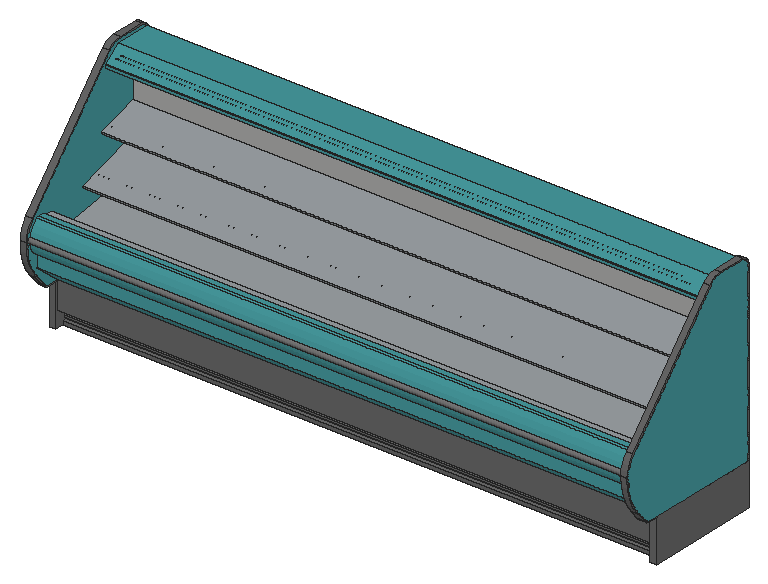
Revit family "ON3UM-NRG", category Mechanical Equipment, Revit 2017
Family settings
  Round Connector Dimension = Use Radius
  Part Type = Normal
  OmniClass Number = 23.40.40.11.17
  OmniClass Title = Refrigerated Cases
  Work Plane-Based = Yes
  Always vertical = Yes
  Cut with Voids When Loaded = No
  Shared = No
  Room Calculation Point = No
Parameters (values of type "12' Meat")
  Width = 35 7/8"  # constant formula
  URL = "http://www.hillphoenix.com/?s=on3um"
  TOP REFRIGERATION PIPING = yes
  TOP ELECTRICAL = yes
  TOEKICK [instance] = BLACK PAINTED METAL
  Standard Power Watts = 35.7 W
  Standard Power Amps = 0.3 A
  STAINLESS STEEL = GALVANIZED STEEL
  Refgn = 8 5/8"
  RT STD END = yes
  REFRIGERATION PIPING = COPPER PIPE
  RUBBER BUMPER [instance] = BLACK
  REAR REFRIGERATION PIPING = yes
  PAINTED METAL UPPER SHELF = PAINTED SHELVES
  PAINTED METAL INTERIOR [instance] = GALVANIZED STEEL
  PAINTED METAL EXTERIOR [instance] = CHARCOAL BROWN
  Model = "ON3UM-NRG"  # constant formula
  Manufacturer = "HILL PHOENIX"  # constant formula
  Lights Per Row = 3
  Light Length = "48\""
  Length = 144"
  Legend Number = Model  # "ON3UM-NRG"
  LF STD END = yes
  Keynote = ""  # constant formula
  Item Description = Description  # "Narrow Multi-Deck Merchandiser with Synerg-E™"
  Island Timed-Off Termination Temp (°F) = 42 °F  # constant formula
  Island Timed-Off Fail-Safe (Min) = "40 (Min)"  # constant formula
  Island Superheat @ Bulb Set Point (°F) = "6-8 °F"  # constant formula
  Island High Efficiency Fans Watts = 33 W
  Island High Efficiency Fans Amps = 0.48 A
  Island Front Sill Height = "Extended"
  Island Fans Per Case = 3
  Island Evaporator (°F) = 26 °F
  Island Discharge Air(°F) = 30 °F
  Island Discharge Air Velocity (FPM) = 200 FPM  # constant formula
  Island BTUH Parallel = 670
  Island BTUH Conventional = 760  # constant formula
  Island Application = "Meat"
  Island  Case Length = 144"
  How Many Defrosts Per Day = 6  # constant formula
  High Power (Cornice) Watts = 64.5 W
  High Power (Cornice) Amps = 0.54 A
  Height = 48"  # constant formula
  GLASS = Glass
  EQUIPMENT MARK = Legend Number  # "ON3UM-NRG"
  EQUIPMENT DESCRIPTION = Item Description  # "Narrow Multi-Deck Merchandiser with Synerg-E™"
  Description = "Narrow Multi-Deck Merchandiser with Synerg-E™"  # constant formula
  Default Elevation = 48"
  DRAIN PIPING = yes
  DESIGNERS NAME = "SHIDDRAMESH"  # constant formula
  DATE = "04/01/2016"  # constant formula
  Certifications = "NSF 7, UL471, CSA"  # constant formula
  DRAIN LINE = 72"
  BOTTOM REFRIGERATION PIPING = yes
  BOTTOM ELECTRICAL = yes
  BASE [instance] = BLACK PAINTED METAL
  Assembly Code = ""
  16" Shelf = yes
  10" Shelf = yes
Types (8): name | Standard Power Watts | Standard Power Amps | Refgn | Lights Per Row | Light Length | Length | Island High Efficiency Fans Watts | Island High Efficiency Fans Amps | Island Front Sill Height | Island Fans Per Case | Island Evaporator (°F) | Island Discharge Air(°F) | Island BTUH Parallel | Island Application | Island  Case Length | High Power (Cornice) Watts | High Power (Cornice) Amps | DRAIN LINE
  04' Deli | 11.9 W | 0.1 A | 7 5/8" | 1 | "48\"" | 48" | 11 W | 0.16 A | "All" | 1 | 28 °F | 31 °F | 690 | "Dairy / Deli / Produce" | 48" | 21.5 W | 0.18 A | 24"
  06' Deli | 16.6 W | 0.14 A | 8 5/8" | 2 | "36\"" | 72" | 22 W | 0.32 A | "All" | 2 | 28 °F | 31 °F | 690 | "Dairy / Deli / Produce" | 72" | 29.8 W | 0.25 A | 36"
  08' Deli | 36 W | 23.8 A | 8 5/8" | 2 | "48\"" | 96" | 22 W | 0.32 A | "All" | 2 | 28 °F | 31 °F | 690 | "Dairy / Deli / Produce" | 96" | 43 W | 0.36 A | 48"
  12' Deli | 35.7 W | 0.3 A | 8 5/8" | 3 | "48\"" | 144" | 33 W | 0.48 A | "All" | 3 | 28 °F | 31 °F | 690 | "Dairy / Deli / Produce" | 144" | 64.5 W | 0.54 A | 72"
  04' Meat | 11.9 W | 0.1 A | 7 5/8" | 1 | "48\"" | 48" | 11 W | 0.16 A | "Extended" | 1 | 26 °F | 30 °F | 670 | "Meat" | 48" | 21.5 W | 0.18 A | 24"
  06' Meat | 16.6 W | 0.14 A | 8 5/8" | 2 | "36\"" | 72" | 22 W | 0.32 A | "Extended" | 2 | 26 °F | 30 °F | 690 | "Meat" | 72" | 29.8 W | 0.25 A | 36"
  08' Meat | 36 W | 23.8 A | 8 5/8" | 2 | "48\"" | 96" | 22 W | 0.32 A | "Extended" | 2 | 26 °F | 30 °F | 670 | "Meat" | 96" | 43 W | 0.36 A | 48"
  12' Meat | 35.7 W | 0.3 A | 8 5/8" | 3 | "48\"" | 144" | 33 W | 0.48 A | "Extended" | 3 | 26 °F | 30 °F | 670 | "Meat" | 144" | 64.5 W | 0.54 A | 72"
Reference planes (in)
  plane 1: z = 0.01963
  plane 2 "LEFT": x = 0
  plane 3 "CASE RIGHT": x = 144
  plane 4: z = 0
  plane 5: y = -15.80744
  plane 6: x = 145.5
  plane 7: x = 72
  plane 8: y = -51.68244
  plane 9: x = 136.875
  plane 10: z = 22.875
  plane 11: z = 46.99677
  plane 12: through (-240, -28.00566, 49.99643) normal (0, 0.7071, 0.7071)
  plane 13: through (-240, -46.63569, 28.30363) normal (0, 0.7071, 0.7071)
Forms (in)
  Extrusion 1, solid, material "BLACK PAINTED METAL" <- "BASE"
    sketch origin (0, 0, 0) x (0, 1, 0) y (0, 0, 1)
      loop
        line (-15.80744, 0) -> (-15.80744, 11) -> (-40.18244, 11) -> (-40.18244, 0) -> (-38.31613, 0) -> (-38.31613, 1.81425) -> (-17.37606, 1.81425) -> (-17.37606, 0) -> (-15.80744, 0)
    from 0 to 144
  Extrusion 2, solid, material "CHARCOAL BROWN" <- "PAINTED METAL EXTERIOR"
    sketch origin (0, 0, 5.875) x (0, 1, 0) y (0, 0, 1)
      loop
        line (-17.80744, 46.29711) -> (-17.80744, 8.40762) -> (-35.75575, 7.7616) -> (-38.05456, 5.96269) -> (-40.40771, 5.88052) -> (-42.52708, 7.33534) -> (-42.77005, 7.32686) -> (-46.93651, 10.82293) -> (-46.93651, 15.37312) -> (-48.94472, 15.37312) -> (-48.94472, 10.089) -> (-43.02886, 5.125) -> (-15.80744, 5.125) -> (-15.80744, 46.29711) -> (-17.80744, 46.29711)
    from 0 to 144
  Extrusion 3, solid, material "PAINTED SHELVES" <- "PAINTED METAL UPPER SHELF"
    sketch origin (0, 0, 5.875) x (0, 1, 0) y (0, 0, 1)
      loop
        arc (-20.28705, 18.03641) -> (-19.95625, 18.1942) -> (-19.82193, 18.53519) r 0.5
        line (-19.82193, 18.53519) -> (-19.82193, 16.37177) -> (-17.80744, 16.37177) -> (-17.80744, 8.40762) -> (-35.75575, 7.7616) -> (-38.05456, 5.96269) -> (-40.40771, 5.88052) -> (-42.52708, 7.33534) -> (-42.77005, 7.32686) -> (-46.93651, 10.82293) -> (-46.93651, 15.37312) -> (-46.93651, 20.48987) -> (-44.69693, 20.48987) -> (-44.69693, 14.65787) -> (-23.59709, 18.00487) -> (-23.58275, 17.79983) -> (-20.28663, 18.03032)
    from 0 to 144
  Extrusion 4, solid, material "GALVANIZED STEEL" <- "STAINLESS STEEL"
    sketch origin (0, 0, 5.875) x (0, 1, 0) y (0, 0, 1)
      loop
        line (-17.80744, 45.00915) -> (-19.82193, 45.00915) -> (-19.82193, 16.37177) -> (-17.80744, 16.37177) -> (-17.80744, 45.00915)
    from 0 to 144
  Extrusion 5, solid, material "CHARCOAL BROWN" <- "PAINTED METAL EXTERIOR", visible <- "TOP REFRIGERATION PIPING"
    sketch origin (0, 0, 5.875) x (1, 0, 0) y (0, 1, 0)
      loop
        line (141, -15.80744) -> (141, -12.80744) -> (129, -12.80744) -> (129, -15.80744) -> (129.125, -15.80744) -> (129.125, -12.93244) -> (140.875, -12.93244) -> (140.875, -15.80744) -> (141, -15.80744)
    from 17.52613 to 43.67007
  Extrusion 6, solid, material "BLACK PAINTED METAL" <- "BASE"
    sketch origin (0, -10.23853, -0.05412) x (0, 1, 0) y (0, 0, 1)
      loop
        line (-29.94391, 0.05412) -> (-29.94391, 5.97625) -> (-29.94391, 11.05412) -> (-32.60591, 11.05412) -> (-32.60591, 4.17299) -> (-30.54602, 4.17299) -> (-30.03398, 4.17299) -> (-30.17679, 3.72119)
        arc (-30.17679, 3.72119) -> (-30.31283, 3.49548) -> (-30.53671, 3.35644) r 0.56287
        line (-30.53671, 3.35644) -> (-30.53671, 2.85644) -> (-30.06597, 2.85644) -> (-30.17679, 2.50181)
        arc (-30.17679, 2.50181) -> (-30.31252, 2.27579) -> (-30.53671, 2.13706) r 0.55931
        line (-30.53671, 2.13706) -> (-30.53671, 1.63706) -> (-30.06597, 1.63706) -> (-30.17679, 1.28243)
        arc (-30.17679, 1.28243) -> (-30.38076, 1.00247) -> (-30.71292, 0.90419) r 0.5396
        line (-30.71292, 0.90419) -> (-30.71292, 0.05412) -> (-29.94391, 0.05412)
    from 0 to 144
  Extrusion 7, solid, material "CHARCOAL BROWN" <- "PAINTED METAL EXTERIOR"
    sketch origin (0, -14.13723, 5.82088) x (0, 1, 0) y (0, 0, 1)
      loop
        line (-32.71342, 21.17912) -> (-34.50842, 21.17912)
        arc (-34.50842, 21.17912) -> (-34.73955, 21.1267) -> (-34.93979, 20.99993) r 0.69761
        arc (-34.93979, 20.99993) -> (-36.29567, 19.30385) -> (-37.07114, 17.2756) r 7.05071
        arc (-37.07114, 17.2756) -> (-36.79227, 15.35155) -> (-35.80485, 13.67682) r 5.032
        line (-35.80485, 13.67682) -> (-34.80748, 13.67682) -> (-34.80748, 15.42724) -> (-32.79928, 15.42724) -> (-32.79928, 20.54398) -> (-32.71342, 20.54398) -> (-32.71342, 21.17912)
    from 0 to 144
  Extrusion 8, solid, material "PAINTED SHELVES" <- "PAINTED METAL UPPER SHELF", visible <- "16" Shelf"
    sketch origin (0, 0, 22.75605) x (0, 1, 0) y (0, 0, 1)
      loop
        line (-19.82193, 9.52606) -> (-35.12281, 4.84811) -> (-34.95908, 4.31258) -> (-30.92951, 5.54455) -> (-30.83385, 5.43215) -> (-23.37875, 6.72727)
        arc (-23.37875, 6.72727) -> (-22.68685, 6.75019) -> (-22.0152, 6.58248) r 2.5
        line (-22.0152, 6.58248) -> (-21.18883, 6.24896)
        arc (-21.18883, 6.24896) -> (-20.87112, 6.17789) -> (-20.54742, 6.21263) r 1
        line (-20.54742, 6.21263) -> (-19.82193, 6.448) -> (-19.82193, 9.52606)
    from 0 to 144
  Extrusion 9, solid, material "PAINTED SHELVES" <- "PAINTED METAL UPPER SHELF", visible <- "10" Shelf"
    sketch origin (0, 0, 4.75) x (0, 1, 0) y (0, 0, 1)
      loop
        line (-19.82193, 31.95713) -> (-19.82193, 35.04847) -> (-29.38841, 32.1237) -> (-29.22125, 31.57693) -> (-26.99777, 32.25671) -> (-26.64714, 31.8447) -> (-23.39078, 32.25456)
        arc (-23.39078, 32.25456) -> (-22.5804, 32.26202) -> (-21.81021, 32.00986) r 2.5
        line (-21.81021, 32.00986) -> (-21.18883, 31.75908)
        arc (-21.18883, 31.75908) -> (-20.84951, 31.68701) -> (-20.50599, 31.73521) r 1
        line (-20.50599, 31.73521) -> (-19.82193, 31.95713)
    from 0 to 144
  Extrusion 10, solid
    sketch origin (0, -9.0638, 9.86783) x (0, 1, 0) y (0, 0, 1)
      loop
        circle (-14.04788, 41.33455) r 0.5625
      loop
        circle (-15.51988, 41.33455) r 0.5625
    from 0 to 144
  Extrusion 11, solid, material "GALVANIZED STEEL" <- "PAINTED METAL INTERIOR"
    sketch origin (0, -5.33418, 8.4978) x (0, 1, 0) y (0, 0, 1)
      loop
        arc (-16.03819, 42.41717) -> (-16.05872, 42.40528) -> (-16.06484, 42.38236) r 0.031
        line (-16.06484, 42.38236) -> (-15.54307, 38.45305) -> (-14.56992, 38.58982) -> (-15.12486, 42.53845) -> (-16.03819, 42.41717)
    from 0 to 144
  Extrusion 12, solid, material "CHARCOAL BROWN" <- "PAINTED METAL EXTERIOR"
    sketch origin (0, -0.0013, 5.92963) x (0, 1, 0) y (0, 0, 1)
      loop
        line (-15.80614, 46.24248) -> (-15.80614, 48.07035) -> (-24.38077, 48.07035) -> (-28.1085, 45.0517) -> (-28.18114, 44.8994) -> (-28.18114, 44.24356) -> (-27.5874, 44.24356) -> (-27.5874, 44.31961) -> (-27.13478, 44.31961) -> (-27.09675, 44.3332) -> (-25.33935, 45.7732) -> (-25.31738, 45.81961) -> (-25.31738, 46.25761) -> (-25.28438, 46.29061) -> (-21.0809, 46.29061) -> (-20.13326, 45.16126) -> (-19.94451, 45.21956) -> (-19.86265, 44.95452) -> (-17.80614, 44.95452) -> (-17.80614, 46.24248) -> (-15.80614, 46.24248)
    from 0 to 144
  Extrusion 13, solid
    sketch origin (0, 0, 5.875) x (0, 1, 0) y (0, 0, 1)
      loop
        line (-19.87444, 44.91816) -> (-20.25663, 44.80012) -> (-20.36557, 45.15282)
        arc (-20.36557, 45.15282) -> (-20.39137, 45.18674) -> (-20.43297, 45.19599) r 0.062
        line (-20.43297, 45.19599) -> (-21.37645, 45.0707)
        arc (-21.37645, 45.0707) -> (-21.41752, 45.04693) -> (-21.42975, 45.00108) r 0.062
        line (-21.42975, 45.00108) -> (-21.38947, 44.69774) -> (-21.35874, 44.70183) -> (-21.39902, 45.00516)
        arc (-21.39902, 45.00516) -> (-21.3929, 45.02809) -> (-21.37237, 45.03997) r 0.031
        line (-21.37237, 45.03997) -> (-20.45904, 45.16125) -> (-19.90409, 41.21262) -> (-20.8497, 41.07973) -> (-20.88884, 41.35829) -> (-20.91974, 41.35395) -> (-20.88491, 41.10608)
        arc (-20.88491, 41.10608) -> (-20.862, 41.06604) -> (-20.8178, 41.05279) r 0.0622
        line (-20.8178, 41.05279) -> (-19.82193, 41.19266) -> (-19.82193, 44.88417) -> (-19.86394, 44.88417) -> (-19.87444, 44.91816)
    from 0 to 144
  Extrusion 14, solid, material "CHARCOAL BROWN" <- "PAINTED METAL EXTERIOR", visible <- "LF STD END"
    sketch origin (17.5, 0, 5.875) x (0, 1, 0) y (0, 0, 1)
      loop
        arc (-46.48749, 5.30373) -> (-45.9835, 4.85922) -> (-45.37071, 4.58337) r 2.25
        line (-45.37071, 4.58337) -> (-43.02886, 4.58337) -> (-43.02886, 4.5) -> (-15.43244, 4.5) -> (-15.43244, 47.30758)
        arc (-15.43244, 47.30758) -> (-15.87178, 48.36824) -> (-16.93244, 48.80758) r 1.5
        line (-16.93244, 48.80758) -> (-23.48207, 48.80758)
        arc (-23.48207, 48.80758) -> (-25.22204, 48.43508) -> (-26.657, 47.38289) r 4.25
        line (-26.657, 47.38289) -> (-49.97669, 21.05254)
        arc (-49.97669, 21.05254) -> (-51.21531, 19.03708) -> (-51.68244, 16.71803) r 6.75
        arc (-51.68244, 16.71803) -> (-50.92318, 11.9391) -> (-48.52749, 7.73491) r 13.5
        line (-48.52749, 7.73491) -> (-46.48749, 5.30373)
    from -17.5 to -19
  Extrusion 15, solid, material "BLACK PAINTED METAL" <- "BASE", visible <- "LF STD END"
    sketch origin (17.5, 0, 5.875) x (0, 1, 0) y (0, 0, 1)
      loop
        line (-46.48749, 5.30373) -> (-48.52749, 7.73491)
        arc (-48.52749, 7.73491) -> (-50.92318, 11.9391) -> (-51.68244, 16.71803) r 13.5
        arc (-51.68244, 16.71803) -> (-51.21531, 19.03708) -> (-49.97669, 21.05254) r 6.75
        line (-49.97669, 21.05254) -> (-26.657, 47.38289)
        arc (-26.657, 47.38289) -> (-25.22204, 48.43508) -> (-23.48207, 48.80758) r 4.25
        line (-23.48207, 48.80758) -> (-16.93244, 48.80758)
        arc (-16.93244, 48.80758) -> (-15.87178, 48.36824) -> (-15.43244, 47.30758) r 1.5
        line (-15.43244, 47.30758) -> (-15.43244, 4.5) -> (-15.18244, 4.5) -> (-15.18244, 47.30758)
        arc (-15.18244, 47.30758) -> (-15.695, 48.54502) -> (-16.93244, 49.05758) r 1.75
        line (-16.93244, 49.05758) -> (-23.48207, 49.05758)
        arc (-23.48207, 49.05758) -> (-25.32439, 48.66317) -> (-26.84376, 47.54908) r 4.5
        line (-26.84376, 47.54908) -> (-50.16345, 21.21873)
        arc (-50.16345, 21.21873) -> (-51.44794, 19.12863) -> (-51.93237, 16.72368) r 7
        arc (-51.93237, 16.72368) -> (-51.15905, 11.85626) -> (-48.71901, 7.57421) r 13.75
        line (-48.71901, 7.57421) -> (-46.67901, 5.14303)
        arc (-46.67901, 5.14303) -> (-46.08957, 4.63043) -> (-45.37071, 4.32476) r 2.5
        line (-45.37071, 4.32476) -> (-43.02886, 4.32476) -> (-43.02886, 4.58337) -> (-45.37071, 4.58337)
        arc (-45.37071, 4.58337) -> (-45.9835, 4.85922) -> (-46.48749, 5.30373) r 2.25
    from -17.5 to -19
  Extrusion 16, solid, material "BLACK PAINTED METAL" <- "BASE", visible <- "LF STD END"
    sketch origin (17.5, 0, 0) x (0, 1, 0) y (0, 0, 1)
      loop
        line (-43.02886, 10.375) -> (-43.02886, 0) -> (-15.18244, 0) -> (-15.18244, 10.375) -> (-43.02886, 10.375)
    from -17.5 to -19
  Extrusion 17, solid, material "BLACK" <- "RUBBER BUMPER"
    sketch origin (0, 0, 5.875) x (0, 1, 0) y (0, 0, 1)
      loop
        arc (-51.09063, 17.69238) -> (-51.69172, 17.04128) -> (-51.17326, 16.32263) r 0.70013
        arc (-51.17326, 16.32263) -> (-51.21094, 16.77127) -> (-51.20837, 17.22149) r 5.032
        arc (-51.20837, 17.22149) -> (-51.15355, 17.45795) -> (-51.09063, 17.69238) r 7.05071
    from 0 to 144
  Extrusion 18, solid, material "CHARCOAL BROWN" <- "PAINTED METAL EXTERIOR", visible <- "RT STD END"
    sketch origin (184.5, 0, 5.875) x (0, 1, 0) y (0, 0, 1)
      loop
        arc (-46.48749, 5.30373) -> (-45.9835, 4.85922) -> (-45.37071, 4.58337) r 2.25
        line (-45.37071, 4.58337) -> (-43.02886, 4.58337) -> (-43.02886, 4.5) -> (-15.43244, 4.5) -> (-15.43244, 47.30758)
        arc (-15.43244, 47.30758) -> (-15.87178, 48.36824) -> (-16.93244, 48.80758) r 1.5
        line (-16.93244, 48.80758) -> (-23.48207, 48.80758)
        arc (-23.48207, 48.80758) -> (-25.22204, 48.43508) -> (-26.657, 47.38289) r 4.25
        line (-26.657, 47.38289) -> (-49.97669, 21.05254)
        arc (-49.97669, 21.05254) -> (-51.21531, 19.03708) -> (-51.68244, 16.71803) r 6.75
        arc (-51.68244, 16.71803) -> (-50.92318, 11.9391) -> (-48.52749, 7.73491) r 13.5
        line (-48.52749, 7.73491) -> (-46.48749, 5.30373)
    from -39 to -40.5
  Extrusion 19, solid, material "BLACK PAINTED METAL" <- "BASE", visible <- "RT STD END"
    sketch origin (184.5, 0, 5.875) x (0, 1, 0) y (0, 0, 1)
      loop
        line (-46.48749, 5.30373) -> (-48.52749, 7.73491)
        arc (-48.52749, 7.73491) -> (-50.92318, 11.9391) -> (-51.68244, 16.71803) r 13.5
        arc (-51.68244, 16.71803) -> (-51.21531, 19.03708) -> (-49.97669, 21.05254) r 6.75
        line (-49.97669, 21.05254) -> (-26.657, 47.38289)
        arc (-26.657, 47.38289) -> (-25.22204, 48.43508) -> (-23.48207, 48.80758) r 4.25
        line (-23.48207, 48.80758) -> (-16.93244, 48.80758)
        arc (-16.93244, 48.80758) -> (-15.87178, 48.36824) -> (-15.43244, 47.30758) r 1.5
        line (-15.43244, 47.30758) -> (-15.43244, 4.5) -> (-15.18244, 4.5) -> (-15.18244, 47.30758)
        arc (-15.18244, 47.30758) -> (-15.695, 48.54502) -> (-16.93244, 49.05758) r 1.75
        line (-16.93244, 49.05758) -> (-23.48207, 49.05758)
        arc (-23.48207, 49.05758) -> (-25.32439, 48.66317) -> (-26.84376, 47.54908) r 4.5
        line (-26.84376, 47.54908) -> (-50.16345, 21.21873)
        arc (-50.16345, 21.21873) -> (-51.44794, 19.12863) -> (-51.93237, 16.72368) r 7
        arc (-51.93237, 16.72368) -> (-51.15905, 11.85626) -> (-48.71901, 7.57421) r 13.75
        line (-48.71901, 7.57421) -> (-46.67901, 5.14303)
        arc (-46.67901, 5.14303) -> (-46.08957, 4.63043) -> (-45.37071, 4.32476) r 2.5
        line (-45.37071, 4.32476) -> (-43.02886, 4.32476) -> (-43.02886, 4.58337) -> (-45.37071, 4.58337)
        arc (-45.37071, 4.58337) -> (-45.9835, 4.85922) -> (-46.48749, 5.30373) r 2.25
    from -39 to -40.5
  Extrusion 20, solid, material "BLACK PAINTED METAL" <- "BASE", visible <- "RT STD END"
    sketch origin (184.5, 0, 0) x (0, 1, 0) y (0, 0, 1)
      loop
        line (-43.02886, 10.375) -> (-43.02886, 0) -> (-15.18244, 0) -> (-15.18244, 10.375) -> (-43.02886, 10.375)
    from -39 to -40.5
Lines and regions (in)
  model lines
    curve 1: line (0, -51.68244, 22.875) -> (0, -51.32382, 22.875)
Dimensions and locks (in)
  "Length": plane 2 "LEFT" to plane 3 "CASE RIGHT"
  "DRAIN LINE": plane 2 "LEFT" to plane 7
  locked: plane 3 "CASE RIGHT" to plane 6 at 1.5
  "Width": plane 5 to plane 8
  "Refgn": plane 9 to plane 6
  Extrusion 1 to Extrusion 6 = 25.14401"
  Extrusion 1 to Extrusion 6 = 24 3/8"
  Extrusion 7 to level = 27"
  plane 10 to level = 22 7/8"
  Extrusion 4 to Extrusion 3 = 24 7/8"
  Extrusion 8 to Extrusion 8 = 16"
  Extrusion 9 to Extrusion 9 = 10.00359"
  Extrusion 4 to plane 11 = 24 3/4"
  plane 5 to Extrusion 12 = 8.57463"
  Extrusion 16 to Extrusion 12 = 54"
  Extrusion 16 to Extrusion 2 = 11"
  plane 12 to plane 13 = 28.51254"
  aligned and locked: plane 3 "CASE RIGHT" to Extrusion 4
  aligned and locked: plane 3 "CASE RIGHT" to Extrusion 3
  aligned and locked: plane 3 "CASE RIGHT" to Extrusion 2
  aligned and locked: plane 3 "CASE RIGHT" to Extrusion 1
  aligned and locked: Extrusion 7 to Extrusion 6
  aligned and locked: plane 3 "CASE RIGHT" to Extrusion 7
  aligned and locked: plane 3 "CASE RIGHT" to Extrusion 8
  aligned and locked: plane 3 "CASE RIGHT" to Extrusion 9
  aligned and locked: plane 3 "CASE RIGHT" to Extrusion 12
  aligned and locked: plane 3 "CASE RIGHT" to Extrusion 11
  aligned and locked: plane 3 "CASE RIGHT" to Extrusion 10
  aligned and locked: plane 3 "CASE RIGHT" to Extrusion 13
  aligned and locked: plane 3 "CASE RIGHT" to Extrusion 17
  aligned and locked: Extrusion 19 to plane 3 "CASE RIGHT"
  aligned and locked: plane 6 to Extrusion 19
  aligned and locked: Extrusion 18 to plane 3 "CASE RIGHT"
  aligned and locked: plane 6 to Extrusion 18
  aligned and locked: Extrusion 20 to plane 3 "CASE RIGHT"
  aligned and locked: plane 6 to Extrusion 20
  aligned and locked: Extrusion 12 to plane 5
Automatic sketch dimensions
  Extrusion 1 sketch curve to level = 0"  (x4)
  Extrusion 1 sketch curve to plane 5 = 0"
  plane 5 to Extrusion 1 sketch curve = 1.56862"
  plane 1 to Extrusion 1 sketch curve = 1.79462"
  Extrusion 1 sketch curve to plane 8 = 13.36631"
  Extrusion 1 sketch curve to Extrusion 1 sketch curve = 1.86631"
  Extrusion 1 sketch curve to Extrusion 1 sketch curve = 9.18575"
  Extrusion 2 sketch curve to plane 5 = 0"
  plane 5 to Extrusion 2 sketch curve = 2"
  plane 1 to Extrusion 2 sketch curve = 13.61697"
  Extrusion 2 sketch curve to plane 8 = 15.92669"
  Extrusion 2 sketch curve to Extrusion 2 sketch curve = 2.29881"
  plane 1 to Extrusion 2 sketch curve = 11.81806"
  Extrusion 2 sketch curve to Extrusion 2 sketch curve = 0.24297"
  Extrusion 2 sketch curve to Extrusion 2 sketch curve = 0.2588"
  Extrusion 2 sketch curve to plane 8 = 4.74592"
  Extrusion 2 sketch curve to Extrusion 2 sketch curve = 2.0082"
  plane 1 to Extrusion 2 sketch curve = 10.98037"
  Extrusion 2 sketch curve to Extrusion 2 sketch curve = 0.00848"
  Extrusion 2 sketch curve to Extrusion 2 sketch curve = 3.28262"
  Extrusion 2 sketch curve to Extrusion 2 sketch curve = 2.76214"
  Extrusion 2 sketch curve to Extrusion 2 sketch curve = 0.73394"
  Extrusion 2 sketch curve to Extrusion 2 sketch curve = 4.55019"
  Extrusion 3 sketch curve to plane 8 = 4.74592"
  Extrusion 3 sketch curve to Extrusion 3 sketch curve = 4.16646"
  Extrusion 3 sketch curve to Extrusion 3 sketch curve = 0.24297"
  plane 1 to Extrusion 3 sketch curve = 11.81806"
  Extrusion 3 sketch curve to Extrusion 3 sketch curve = 2.35315"
  Extrusion 3 sketch curve to Extrusion 3 sketch curve = 0.03488"
  Extrusion 3 sketch curve to Extrusion 3 sketch curve = 1/2"
  plane 5 to Extrusion 3 sketch curve = 2"
  Extrusion 3 sketch curve to Extrusion 3 sketch curve = 0.00848"
  Extrusion 3 sketch curve to Extrusion 3 sketch curve = 3 127/256"
  Extrusion 3 sketch curve to Extrusion 3 sketch curve = 7.96415"
  Extrusion 3 sketch curve to Extrusion 3 sketch curve = 0"
  plane 5 to Extrusion 4 sketch curve = 4.01449"
  plane 5 to Extrusion 4 sketch curve = 2"
  plane 1 to Extrusion 4 sketch curve = 22.22714"
  plane 5 to Extrusion 5 sketch curve = 0"  (x2)
  Extrusion 5 sketch curve to plane 9 = 7 7/8"
  Extrusion 5 sketch curve to Extrusion 5 sketch curve = 1/8"  (x3)
  Extrusion 5 sketch curve to plane 3 "CASE RIGHT" = 3 1/8"
  Extrusion 5 sketch curve to plane 5 = 2 7/8"
  Extrusion 7 sketch curve to plane 8 = 0.47407"
  Extrusion 7 sketch curve to plane 8 = 1.74036"
  Extrusion 7 sketch curve to plane 8 = 2.60542"
  Extrusion 7 sketch curve to Extrusion 7 sketch curve = 0.75374"
  Extrusion 7 sketch curve to Extrusion 7 sketch curve = 1.86936"
  plane 1 to Extrusion 7 sketch curve = 19.47807"
  Extrusion 7 sketch curve to Extrusion 7 sketch curve = 1.21997"
  Extrusion 8 sketch curve to plane 8 = 16.55963"
  Extrusion 8 sketch curve to Extrusion 8 sketch curve = 0.16373"
  Extrusion 8 sketch curve to Extrusion 8 sketch curve = 4.02957"
  Extrusion 8 sketch curve to Extrusion 8 sketch curve = 0.09566"
  plane 5 to Extrusion 8 sketch curve = 7.57131"
  Extrusion 8 sketch curve to Extrusion 8 sketch curve = 0.4279"
  Extrusion 8 sketch curve to Extrusion 8 sketch curve = 1.36355"
  Extrusion 8 sketch curve to Extrusion 8 sketch curve = 0.82636"
  Extrusion 8 sketch curve to Extrusion 8 sketch curve = 0.37426"
  Extrusion 8 sketch curve to Extrusion 8 sketch curve = 0.64141"
  Extrusion 8 sketch curve to Extrusion 8 sketch curve = 0.72549"
  plane 1 to Extrusion 8 sketch curve = 27.00058"
  Extrusion 8 sketch curve to Extrusion 8 sketch curve = 0.04842"
  Extrusion 8 sketch curve to Extrusion 8 sketch curve = 0.53553"
  Extrusion 8 sketch curve to Extrusion 8 sketch curve = 0.1124"
  Extrusion 8 sketch curve to Extrusion 8 sketch curve = 1.94847"
  Extrusion 8 sketch curve to Extrusion 8 sketch curve = 0.03633"
  Extrusion 8 sketch curve to Extrusion 8 sketch curve = 0.23536"
  Extrusion 8 sketch curve to Extrusion 8 sketch curve = 0.33351"
  plane 5 to Extrusion 9 sketch curve = 13.58098"
  Extrusion 9 sketch curve to Extrusion 9 sketch curve = 0.16716"
  Extrusion 9 sketch curve to Extrusion 9 sketch curve = 2.22348"
  Extrusion 9 sketch curve to Extrusion 9 sketch curve = 0.62137"
  Extrusion 9 sketch curve to Extrusion 9 sketch curve = 0.37426"
  Extrusion 9 sketch curve to Extrusion 9 sketch curve = 0.68285"
  Extrusion 9 sketch curve to Extrusion 9 sketch curve = 0.68406"
  Extrusion 9 sketch curve to Extrusion 9 sketch curve = 0.02387"
  Extrusion 9 sketch curve to Extrusion 9 sketch curve = 0.22192"
  Extrusion 9 sketch curve to Extrusion 9 sketch curve = 0.54677"
  Extrusion 9 sketch curve to Extrusion 9 sketch curve = 0.41201"
  plane 5 to Extrusion 12 sketch curve = 12 3/8"
  Extrusion 12 sketch curve to Extrusion 12 sketch curve = 0.07264"
  Extrusion 12 sketch curve to Extrusion 12 sketch curve = 19/32"
  Extrusion 12 sketch curve to Extrusion 12 sketch curve = 0.45262"
  Extrusion 12 sketch curve to Extrusion 12 sketch curve = 0.03803"
  Extrusion 12 sketch curve to Extrusion 12 sketch curve = 1.7574"
  Extrusion 12 sketch curve to Extrusion 12 sketch curve = 0.02197"
  Extrusion 12 sketch curve to Extrusion 12 sketch curve = 0.033"  (x2)
  Extrusion 12 sketch curve to Extrusion 12 sketch curve = 0.90361"
  Extrusion 12 sketch curve to Extrusion 12 sketch curve = 3.29987"
  Extrusion 12 sketch curve to Extrusion 12 sketch curve = 0.94764"
  Extrusion 12 sketch curve to Extrusion 12 sketch curve = 0.18876"
  Extrusion 12 sketch curve to Extrusion 12 sketch curve = 0.08186"
  plane 5 to Extrusion 12 sketch curve = 2"
  plane 5 to Extrusion 12 sketch curve = 0"
  Extrusion 12 sketch curve to Extrusion 12 sketch curve = 1.33609"
  Extrusion 12 sketch curve to Extrusion 12 sketch curve = 0.15229"
  Extrusion 12 sketch curve to Extrusion 12 sketch curve = 0.20674"
  Extrusion 12 sketch curve to Extrusion 12 sketch curve = 0.04641"
  Extrusion 12 sketch curve to Extrusion 12 sketch curve = 1.82787"
  Extrusion 13 sketch curve to Extrusion 13 sketch curve = 0"  (x2)
  plane 5 to Extrusion 13 sketch curve = 5.62231"
  Extrusion 13 sketch curve to Extrusion 13 sketch curve = 0.03073"  (x5)
  Extrusion 13 sketch curve to Extrusion 13 sketch curve = 0.04028"
  Extrusion 13 sketch curve to Extrusion 13 sketch curve = 0.02257"
  Extrusion 13 sketch curve to Extrusion 13 sketch curve = 0.00408"  (x2)
  Extrusion 13 sketch curve to Extrusion 13 sketch curve = 0.439"
  Extrusion 13 sketch curve to Extrusion 13 sketch curve = 0.0309"
  Extrusion 13 sketch curve to Extrusion 13 sketch curve = 0.03484"
  Extrusion 13 sketch curve to Extrusion 13 sketch curve = 0.03521"
  Extrusion 13 sketch curve to Extrusion 13 sketch curve = 0.02638"
  Extrusion 13 sketch curve to Extrusion 13 sketch curve = 0.03189"
  Extrusion 13 sketch curve to Extrusion 13 sketch curve = 0.91333"
  Extrusion 13 sketch curve to Extrusion 13 sketch curve = 0.02607"
  Extrusion 13 sketch curve to Extrusion 13 sketch curve = 0.03423"
  Extrusion 13 sketch curve to Extrusion 13 sketch curve = 0.05924"
  Extrusion 13 sketch curve to Extrusion 13 sketch curve = 0.10894"
  Extrusion 13 sketch curve to Extrusion 13 sketch curve = 0.91922"
  Extrusion 13 sketch curve to Extrusion 13 sketch curve = 0.0183"
  Extrusion 13 sketch curve to Extrusion 13 sketch curve = 0.12528"
  Extrusion 13 sketch curve to Extrusion 13 sketch curve = 0.30334"
  Extrusion 13 sketch curve to Extrusion 13 sketch curve = 3.34353"
  Extrusion 13 sketch curve to Extrusion 13 sketch curve = 0.00434"
  Extrusion 13 sketch curve to Extrusion 13 sketch curve = 0.14567"
  Extrusion 13 sketch curve to Extrusion 13 sketch curve = 0.01996"
  Extrusion 13 sketch curve to Extrusion 13 sketch curve = 0.03501"
  Extrusion 13 sketch curve to Extrusion 13 sketch curve = 0.02636"
  Extrusion 16 sketch curve to level = 0"
  Extrusion 16 sketch curve to plane 8 = 8.65358"
  Extrusion 16 sketch curve to plane 5 = 5/8"
  plane 1 to Extrusion 16 sketch curve = 10.35537"
  Extrusion 20 sketch curve to level = 0"
  Extrusion 20 sketch curve to plane 8 = 8.65358"
  Extrusion 20 sketch curve to plane 5 = 5/8"
  plane 1 to Extrusion 20 sketch curve = 10.35537"
  curve 1 to plane 8 = 0"
  curve 1 to plane 8 = 0.35862"
  plane 1 to curve 1 = 22.85537"
  Extrusion 6 sketch curve to level = 0"
  Extrusion 6 sketch curve to plane 8 = 8.838"
  Extrusion 6 sketch curve to Extrusion 6 sketch curve = 1.89242"
  Extrusion 6 sketch curve to Extrusion 6 sketch curve = 0.00057"
  Extrusion 6 sketch curve to Extrusion 6 sketch curve = 0.00285"
  Extrusion 6 sketch curve to Extrusion 6 sketch curve = 0.0211"
  Extrusion 6 sketch curve to Extrusion 6 sketch curve = 0.16747"
  Extrusion 6 sketch curve to Extrusion 6 sketch curve = 0.15512"
  Extrusion 6 sketch curve to Extrusion 6 sketch curve = 0.17393"
  plane 1 to Extrusion 6 sketch curve = 2.42806"
  Extrusion 6 sketch curve to Extrusion 6 sketch curve = 0.35992"  (x3)
  plane 1 to Extrusion 6 sketch curve = 1.20869"
  Extrusion 6 sketch curve to Extrusion 6 sketch curve = 0.11082"  (x2)
  plane 1 to Extrusion 6 sketch curve = 2.78269"
  Extrusion 6 sketch curve to Extrusion 6 sketch curve = 0.51204"
  Extrusion 6 sketch curve to Extrusion 6 sketch curve = 2.662"
  Extrusion 6 sketch curve to Extrusion 6 sketch curve = 0.37824"
  Extrusion 6 sketch curve to Extrusion 6 sketch curve = 0.35462"
  Extrusion 6 sketch curve to Extrusion 6 sketch curve = 1/2"  (x2)
  Extrusion 6 sketch curve to Extrusion 6 sketch curve = 0.4518"
  Extrusion 6 sketch curve to Extrusion 6 sketch curve = 5.07787"
  Extrusion 15 sketch curve to Extrusion 15 sketch curve = 0"  (x16)
  Extrusion 15 sketch curve to plane 8 = 0"  (x2)
  Extrusion 15 sketch curve to plane 8 = 1.51899"
  Extrusion 15 sketch curve to Extrusion 15 sketch curve = 0.18676"  (x2)
  Extrusion 15 sketch curve to plane 8 = 2.96343"
  Extrusion 15 sketch curve to Extrusion 15 sketch curve = 0.19151"  (x2)
  Extrusion 15 sketch curve to Extrusion 15 sketch curve = 2.04"
  Extrusion 15 sketch curve to Extrusion 15 sketch curve = 1.11679"
  Extrusion 15 sketch curve to plane 8 = 6.74827"
  Extrusion 15 sketch curve to Extrusion 15 sketch curve = 0.60681"
  Extrusion 15 sketch curve to Extrusion 15 sketch curve = 6.74827"
  plane 5 to Extrusion 15 sketch curve = 11.03632"
  Extrusion 15 sketch curve to Extrusion 15 sketch curve = 3.17492"
  plane 5 to Extrusion 15 sketch curve = 1 1/8"
  Extrusion 15 sketch curve to plane 5 = 3/8"
  Extrusion 15 sketch curve to Extrusion 15 sketch curve = 0.16619"
  Extrusion 15 sketch curve to Extrusion 15 sketch curve = 4.48725"
  Extrusion 15 sketch curve to Extrusion 15 sketch curve = 0.1607"  (x2)
  Extrusion 15 sketch curve to Extrusion 15 sketch curve = 0.98491"
  Extrusion 15 sketch curve to Extrusion 15 sketch curve = 1.44627"
  plane 1 to Extrusion 15 sketch curve = 10.35537"
  Extrusion 15 sketch curve to Extrusion 15 sketch curve = 2.34185"
  Extrusion 19 sketch curve to Extrusion 19 sketch curve = 0"  (x16)
  Extrusion 19 sketch curve to plane 8 = 0"  (x2)
  Extrusion 19 sketch curve to plane 8 = 1.51899"
  Extrusion 19 sketch curve to Extrusion 19 sketch curve = 0.18676"  (x2)
  Extrusion 19 sketch curve to plane 8 = 2.96343"
  Extrusion 19 sketch curve to Extrusion 19 sketch curve = 0.19151"  (x2)
  Extrusion 19 sketch curve to Extrusion 19 sketch curve = 2.04"
  Extrusion 19 sketch curve to Extrusion 19 sketch curve = 1.11679"
  Extrusion 19 sketch curve to plane 8 = 6.74827"
  Extrusion 19 sketch curve to Extrusion 19 sketch curve = 1.7236"
  Extrusion 19 sketch curve to Extrusion 19 sketch curve = 2.34185"
  Extrusion 19 sketch curve to Extrusion 19 sketch curve = 6.74827"
  plane 5 to Extrusion 19 sketch curve = 11.03632"
  Extrusion 19 sketch curve to Extrusion 19 sketch curve = 3.17492"
  plane 5 to Extrusion 19 sketch curve = 1 1/8"
  Extrusion 19 sketch curve to plane 5 = 3/8"
  Extrusion 19 sketch curve to Extrusion 19 sketch curve = 0.16619"
  Extrusion 19 sketch curve to Extrusion 19 sketch curve = 4.48725"
  Extrusion 19 sketch curve to Extrusion 19 sketch curve = 0.1607"  (x2)
  Extrusion 19 sketch curve to Extrusion 19 sketch curve = 0.98491"
  Extrusion 19 sketch curve to Extrusion 19 sketch curve = 1.44627"
  plane 1 to Extrusion 19 sketch curve = 10.35537"
  Extrusion 14 sketch curve to plane 8 = 0"  (x2)
  Extrusion 14 sketch curve to plane 8 = 1.70575"
  Extrusion 14 sketch curve to plane 8 = 3.15494"
  Extrusion 14 sketch curve to Extrusion 14 sketch curve = 2.04"
  Extrusion 14 sketch curve to plane 8 = 6.74827"
  Extrusion 14 sketch curve to Extrusion 14 sketch curve = 1.7236"
  Extrusion 14 sketch curve to Extrusion 14 sketch curve = 1.73504"
  Extrusion 14 sketch curve to Extrusion 14 sketch curve = 6.74827"
  plane 5 to Extrusion 14 sketch curve = 10.84956"
  Extrusion 14 sketch curve to Extrusion 14 sketch curve = 3.17492"
  plane 5 to Extrusion 14 sketch curve = 1 1/8"
  Extrusion 14 sketch curve to plane 5 = 3/8"
  Extrusion 14 sketch curve to Extrusion 14 sketch curve = 4.48725"
  Extrusion 14 sketch curve to Extrusion 14 sketch curve = 0.98491"
  Extrusion 14 sketch curve to Extrusion 14 sketch curve = 1.44627"
  plane 1 to Extrusion 14 sketch curve = 10.35537"
  Extrusion 14 sketch curve to Extrusion 14 sketch curve = 1.11679"
  Extrusion 18 sketch curve to plane 8 = 0"  (x2)
  Extrusion 18 sketch curve to plane 8 = 1.70575"
  Extrusion 18 sketch curve to plane 8 = 3.15494"
  Extrusion 18 sketch curve to Extrusion 18 sketch curve = 2.04"
  Extrusion 18 sketch curve to plane 8 = 6.74827"
  Extrusion 18 sketch curve to Extrusion 18 sketch curve = 1.7236"
  Extrusion 18 sketch curve to Extrusion 18 sketch curve = 1.73504"
  Extrusion 18 sketch curve to Extrusion 18 sketch curve = 6.74827"
  plane 5 to Extrusion 18 sketch curve = 10.84956"
  Extrusion 18 sketch curve to Extrusion 18 sketch curve = 3.17492"
  plane 5 to Extrusion 18 sketch curve = 1 1/8"
  Extrusion 18 sketch curve to plane 5 = 3/8"
  Extrusion 18 sketch curve to Extrusion 18 sketch curve = 4.48725"
  Extrusion 18 sketch curve to Extrusion 18 sketch curve = 0.98491"
  Extrusion 18 sketch curve to Extrusion 18 sketch curve = 1.44627"
  plane 1 to Extrusion 18 sketch curve = 10.35537"
  Extrusion 18 sketch curve to Extrusion 18 sketch curve = 1.11679"
  Extrusion 2 sketch curve to Extrusion 2 sketch curve = 37.88949"
  Extrusion 4 sketch curve to Extrusion 4 sketch curve = 28.63738"
  plane 1 to Extrusion 12 sketch curve = 50.15355"
  Extrusion 12 sketch curve to Extrusion 12 sketch curve = 0.07605"
  Extrusion 12 sketch curve to Extrusion 12 sketch curve = 0.01359"
  Extrusion 12 sketch curve to Extrusion 12 sketch curve = 0.62132"
  Extrusion 12 sketch curve to Extrusion 12 sketch curve = 0.65585"
  Extrusion 12 sketch curve to Extrusion 12 sketch curve = 0.48441"
  Extrusion 12 sketch curve to Extrusion 12 sketch curve = 1.28796"
  plane 1 to Extrusion 13 sketch curve = 46.90815"
  Extrusion 14 sketch curve to Extrusion 14 sketch curve = 0.08337"
  Extrusion 14 sketch curve to Extrusion 14 sketch curve = 28.14504"
  Extrusion 14 sketch curve to Extrusion 14 sketch curve = 2 3/4"
  Extrusion 15 sketch curve to Extrusion 15 sketch curve = 1/4"
  plane 1 to Extrusion 15 sketch curve = 10.18013"
  Extrusion 15 sketch curve to Extrusion 15 sketch curve = 28.14504"
  Extrusion 15 sketch curve to Extrusion 15 sketch curve = 2 3/4"
  Extrusion 18 sketch curve to Extrusion 18 sketch curve = 0.08337"
  Extrusion 18 sketch curve to Extrusion 18 sketch curve = 28.14504"
  Extrusion 18 sketch curve to Extrusion 18 sketch curve = 2 3/4"
  Extrusion 19 sketch curve to Extrusion 19 sketch curve = 1/4"
  plane 1 to Extrusion 19 sketch curve = 10.18013"
  Extrusion 19 sketch curve to Extrusion 19 sketch curve = 28.14504"
  Extrusion 19 sketch curve to Extrusion 19 sketch curve = 2 3/4"
  Extrusion 6 sketch curve to Extrusion 6 sketch curve = 0.28216"
  Extrusion 6 sketch curve to Extrusion 6 sketch curve = 1.80326"
  Extrusion 7 sketch curve to Extrusion 7 sketch curve = 0.99736"
  Extrusion 7 sketch curve to Extrusion 7 sketch curve = 1.75042"
  Extrusion 7 sketch curve to Extrusion 7 sketch curve = 0.37456"
  Extrusion 7 sketch curve to Extrusion 7 sketch curve = 0.08586"
  Extrusion 7 sketch curve to Extrusion 7 sketch curve = 0.63513"
  Extrusion 7 sketch curve to Extrusion 7 sketch curve = 0.43137"
  Extrusion 7 sketch curve to Extrusion 7 sketch curve = 1.70914"
  Extrusion 7 sketch curve to Extrusion 7 sketch curve = 0.46786"
  Extrusion 7 sketch curve to Extrusion 7 sketch curve = 0.06152"
  Extrusion 17 sketch curve to Extrusion 17 sketch curve = 1.86936"
  plane 1 to Extrusion 17 sketch curve = 21.60305"
  Extrusion 17 sketch curve to Extrusion 17 sketch curve = 1.21997"
  Extrusion 17 sketch curve to plane 8 = 0.59181"
  Extrusion 17 sketch curve to plane 8 = 0.47407"
  Extrusion 17 sketch curve to Extrusion 17 sketch curve = 0.64502"
  Extrusion 17 sketch curve to Extrusion 17 sketch curve = 0.21551"
  Extrusion 17 sketch curve to Extrusion 17 sketch curve = 0.22237"
  Extrusion 17 sketch curve to plane 8 = 0.50918"
  Extrusion 3 sketch curve to Extrusion 3 sketch curve = 2.11937"
  Extrusion 3 sketch curve to Extrusion 3 sketch curve = 1.44634"
  Extrusion 3 sketch curve to Extrusion 3 sketch curve = 0.08217"
  Extrusion 3 sketch curve to Extrusion 3 sketch curve = 2.29881"
  Extrusion 3 sketch curve to Extrusion 3 sketch curve = 1.7989"
  Extrusion 2 sketch curve to Extrusion 2 sketch curve = 2.62115"
  Extrusion 2 sketch curve to Extrusion 2 sketch curve = 1.44634"
  Extrusion 2 sketch curve to Extrusion 2 sketch curve = 4.97429"
  Extrusion 2 sketch curve to Extrusion 2 sketch curve = 0.08217"
  Extrusion 3 sketch curve to Extrusion 3 sketch curve = 3.83494"
  Extrusion 3 sketch curve to Extrusion 3 sketch curve = 0.71525"
  plane 1 to Extrusion 3 sketch curve = 14.26299"
  Extrusion 3 sketch curve to Extrusion 3 sketch curve = 0.00043"
  Extrusion 3 sketch curve to Extrusion 3 sketch curve = 5.78965"
  Extrusion 3 sketch curve to Extrusion 3 sketch curve = 0.01434"
  Extrusion 3 sketch curve to Extrusion 3 sketch curve = 2.51449"
  Extrusion 3 sketch curve to Extrusion 3 sketch curve = 0.46512"
  Extrusion 3 sketch curve to Extrusion 3 sketch curve = 1.42807"
  Extrusion 3 sketch curve to Extrusion 3 sketch curve = 0.20504"
  Extrusion 3 sketch curve to Extrusion 3 sketch curve = 0.50487"
  Extrusion 3 sketch curve to Extrusion 3 sketch curve = 2.23958"
  Extrusion 3 sketch curve to Extrusion 3 sketch curve = 5.11675"
  Extrusion 13 sketch curve to Extrusion 13 sketch curve = 0.08216"
  Extrusion 13 sketch curve to Extrusion 13 sketch curve = 0.0105"
  Extrusion 13 sketch curve to Extrusion 13 sketch curve = 0.034"
  Extrusion 13 sketch curve to Extrusion 13 sketch curve = 0.05251"
  plane 5 to Extrusion 11 sketch curve = 5.56493"
  Extrusion 11 sketch curve to Extrusion 11 sketch curve = 0.00408"
  plane 1 to Extrusion 11 sketch curve = 50.86461"
  Extrusion 11 sketch curve to Extrusion 11 sketch curve = 0.03073"  (x2)
  Extrusion 11 sketch curve to Extrusion 11 sketch curve = 0.91333"
  Extrusion 11 sketch curve to Extrusion 11 sketch curve = 0.12128"
  Extrusion 11 sketch curve to Extrusion 11 sketch curve = 0.52177"
  Extrusion 11 sketch curve to Extrusion 11 sketch curve = 0.97315"
  Extrusion 11 sketch curve to Extrusion 11 sketch curve = 0.13677"
  Extrusion 9 sketch curve to Extrusion 9 sketch curve = 0.35063"
  Extrusion 9 sketch curve to Extrusion 9 sketch curve = 4.83693"
  plane 1 to Extrusion 9 sketch curve = 36.3073"
  Extrusion 9 sketch curve to Extrusion 9 sketch curve = 3.31326"
  Extrusion 9 sketch curve to Extrusion 9 sketch curve = 0.25078"
  Extrusion 9 sketch curve to Extrusion 9 sketch curve = 1.58058"
  Extrusion 9 sketch curve to Extrusion 9 sketch curve = 0.2447"
  Extrusion 9 sketch curve to Extrusion 9 sketch curve = 1.15268"
